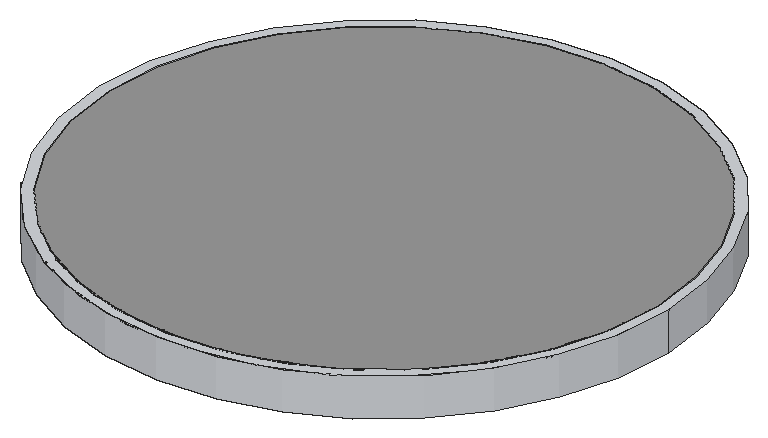
Revit family "2071276", category Lighting Fixtures, host Face, Revit 2018
Family settings
  Host = Face
  Round Connector Dimension = Use Diameter
  Part Type = Normal
  OmniClass Number = 23.80.70.00
  OmniClass Title = Lighting
  Cut with Voids When Loaded = No
  Light Source = Yes
  Shared = No
  Room Calculation Point = No
Parameters (values of type "2071276 COLOSSAL 900 940 OP DIR+H WHT SSC")
  iner diameter = 856 mm
  Weight = "n/a"
  Wattage Comments = ""
  Wattage = 30 W
  WarrantyStartDate [instance] = "n/a"
  WarrantyGuarantorParts = "n/a"
  WarrantyDurationUnit = "n/a"
  WarrantyDurationParts = ""
  WarrantyDescription = "http://www.sylvania-lighting.com"
  built-in parameter 1150110 = 1 (stored number, unit not read)
  Voltage = 230 V
  URL = "0.95"
  TypeName = "COLOSSAL 900mm 940 OPAL DIR+HAL WHITE SSC"
  Type Image = <None>
  Type Comments = "n/a"
  built-in parameter 1114217 = 1 (stored number, unit not read)
  Tilt Angle = -90.00°
  built-in parameter 1150109 = 1 (stored number, unit not read)
  built-in parameter 1150134 = (empty or 0)
  built-in parameter 1150113 = 1 (stored number, unit not read)
  SerialNumber [instance] = "n/a"
  Photometric Web File = "2071276.ies"
  Material_3_SYL = LED-Sylvania
  PowerFactor = 0
  PowerConsumption = "Lighting"
  NominalLength = 888 mm
  NominalHeight = 93 mm
  NominalDepth = 888 mm
  Name = "COLOSSAL 900mm 940 OPAL DIR+HAL WHITE SSC"
  ModelReference = Name  # "COLOSSAL 900mm 940 OPAL DIR+HAL WHITE SSC"
  ModelNumber = "2071276"
  Model = Name  # "COLOSSAL 900mm 940 OPAL DIR+HAL WHITE SSC"
  Material = "Feilo Sylvania"
  ManufacturerName = "122 lm/W"
  Manufacturer = ""
  LuminousEfficacy = ""
  built-in parameter 1150105 = 270.44 (stored number, unit not read)
  Lumens = 3398.4 lm
  LuminaireType = "0"
  built-in parameter 1150115 = 1 (stored number, unit not read)
  LightOutputRatio = "LED"
  built-in parameter 1150137 = (empty or 0)
  built-in parameter 1150139 = (empty or 0)
  LampsType = Lamp  # "n/a"
  LampNominalLuminous = "4000 K"
  LampMacAdamStep = "90"
  LampColourTemperature = "LED"
  LampColourRenderingIndex = "16500"
  built-in parameter 1150112 = 1 (stored number, unit not read)
  built-in parameter 1150114 = 1 (stored number, unit not read)
  Lamp = "n/a"
  Keynote = "n/a"
  InstallationDate [instance] = "n/a"
  InputVoltage = "0"
  InputNominalFrequency = "4000"
  built-in parameter 1150132 = (empty or 0)
  built-in parameter 1150102 = (empty or 0)
  built-in parameter 1150107 = 3000 (stored number, unit not read)
  built-in parameter 1150138 = (empty or 0)
  IngressProtection = "IfcLightFixtureType"
  ImpactProtectionIndex = "IfcLightFixtureType"
  built-in parameter 1150106 = 2.7044 (stored number, unit not read)
  IfcExportType = "IfcLightFixtureType"
  IfcExportAs = "Class I"
  Emit from Circle Diameter = 385 mm
  Emit Shape Visible in Rendering = no
  ElectricShockClassification = "122"
  built-in parameter 1150104 = 10.524 (stored number, unit not read)
  DocumentationLiterature = "http://www.sylvania-lighting.com/product/en-int/products/2071276"
  DimmingControlOptions = "n/a"
  Material_2_SYL = Polycarbonate_Sylvania_White
  Dimming Lamp Color Temperature Shift = <None>
  Description = "900mm diameter circular architectural luminaire, can be surface mounted or suspended. Powder coated aluminium housing (RAL9016) with polycarbonate opal diffuser. Direct/indirect (halo) light distribution, 9390lm luminuous flux, 76.8W system power, 122lm/W luminiaire efficacy. Sylsmart Standalone enabled. Colour rendering index Ra >90, 4000K Neutral White LED, chromaticity tolerance of 3-step MacAdam ellipse. IP40/IP20, IK03. 450mA drive current. Electrical protection Class1, 220-240V. Reported lifetime 66k hours L90B10."
  Default Elevation = 1219.2 mm
  CreatedOn = "23/03/2022"
  CreatedBy = "@sylvania-lighting.com"
  Cost = 0
  Color Filter = 16777215
  built-in parameter 1114216 [instance] = (empty or 0)
  ClassificationValue = "EF_70_80"
  ClassificationName = "Uniclass2015"
  Material_1_SYL = Polycarbonate_Sylvania_Opal
  BarCode [instance] = "n/a"
  built-in parameter 1114218 = 1 (stored number, unit not read)
  built-in parameter 1150133 = 10 (stored number, unit not read)
  AssetType = "Fixed"
  AssetIdentifier [instance] = "n/a"
  Assembly Code = "D5020200"
  Apparent Load = 76.8 VA
  Material_4_SYL = none
Reference planes
  plane 1 "Center (Front/Back)": y = 0
  plane 2: z = 0
  plane 3 "Center (Left/Right)": x = 0
  plane 4: z = 1.161
  plane 5: z = 16.161
  plane 6: x = -444
  plane 7: x = 444
  plane 8: y = 444
  plane 9: y = -444
  plane 10: y = 236
  plane 11: y = -236
  plane 12: x = 85
  plane 13: x = -85
  plane 14: through (0, 0, 1219.2) normal (0.5, 0.866, 0)
  plane 15: through (42.5, 73.612, 1219.2) normal (0.5, 0.866, 0)
  plane 16: through (-42.5, -73.612, 1219.2) normal (0.5, 0.866, 0)
  plane 17: through (0, 0, 1219.2) normal (0.5, -0.866, 0)
  plane 18: through (-42.5, 73.612, 1219.2) normal (0.5, -0.866, 0)
  plane 19: through (42.5, -73.612, 1219.2) normal (0.5, -0.866, 0)
  plane 20: z = 93
  plane 21: y = 428
  plane 22: y = -428
Forms (mm)
  Extrusion 1, solid, detail levels medium+fine
    sketch origin (0, 0, 0) x (0.866025, -0.5, 0) y (0.5, 0.866025, 0)
      loop
        circle (-50, 86.603) r 22
    from 0 to 2
  Extrusion 2, solid, detail levels medium+fine
    sketch origin (0, 0, 0) x (0.866025, -0.5, 0) y (0.5, 0.866025, 0)
      loop
        circle (100, 0) r 22
      loop
        circle (-50, -86.603) r 22
    from 0 to 2
  Blend 3, solid, detail levels medium+fine
    base sketch origin (0, 0, 0) x (1, 0, 0) y (0, 1, 0)
      loop
        line (-85, 236) -> (-246.882, -44.388) -> (-161.882, -191.612) -> (161.882, -191.612) -> (246.882, -44.388) -> (85, 236) -> (-85, 236)
    top sketch origin (0, 0, 0) x (1, 0, 0) y (0, 1, 0)
      loop
        line (-85, 283.076) -> (-287.651, -67.926) -> (-207.792, -218.119) -> (207.792, -218.119) -> (292.5, -71.401) -> (85, 283.076) -> (-85, 283.076)
    from 0 to 33.022
  Extrusion 4, solid, detail levels medium+fine
    sketch origin (0, 0, 0) x (1, 0, 0) y (0, 1, 0)
      loop
        circle (0, 0) r 444
    from 33.022 to 93
  Extrusion 5, void
    sketch origin (0, 0, 0) x (1, 0, 0) y (0, 1, 0)
      loop
        circle (0, 0) r 428
    from 96.588 to 37.292
  Extrusion 6, solid, material "Glass, White, High Luminance", detail levels fine
    sketch origin (0, 0, 0) x (1, 0, 0) y (0, 1, 0)
      loop
        circle (0, 0) r 428
    from 87.991 to 93
  Extrusion 7, solid, detail levels coarse
    sketch origin (0, 0, 0) x (1, 0, 0) y (0, 1, 0)
      loop
        line (-444, 444) -> (-444, -444) -> (444, -444) -> (444, 444) -> (-444, 444)
    from 0 to 93.648
Cuts and joins
  Extrusion 5 cuts Extrusion 1
  Extrusion 5 cuts Extrusion 2
  Extrusion 5 cuts Blend 3
  Extrusion 5 cuts Extrusion 4
Lines and regions (mm)
  model lines, detail levels medium+fine
    curve 1: circle (0, 0, 0) r 100 normal (0, 0, 1)
Dimensions and locks
  "NominalDepth": plane 8 to plane 9
  plane 8 to plane 1 "Center (Front/Back)" to plane 9 = 444 mm, 444 mm
  "NominalLength": plane 6 to plane 7
  equal spacing: plane 6, plane 3 "Center (Left/Right)", plane 7
  "NominalHeight": level to plane 20
  "iner diameter": plane 21 to plane 22
  equal spacing: plane 21, plane 1 "Center (Front/Back)", plane 22
  aligned and locked: plane 2 to host face
  aligned and locked: level to host face
Automatic sketch dimensions
  host sketch curve to host sketch curve = 2438.4 mm  (x2)
  Extrusion 1 sketch curve to plane 3 "Center (Left/Right)" = 0 mm
  Extrusion 1 sketch curve to plane 1 "Center (Front/Back)" = 100 mm
  plane 1 "Center (Front/Back)" to Extrusion 2 sketch curve = 50 mm
  Extrusion 2 sketch curve to plane 3 "Center (Left/Right)" = 86.603 mm
  Extrusion 2 sketch curve to Extrusion 2 sketch curve = 150 mm
  Extrusion 2 sketch curve to Extrusion 2 sketch curve = 86.603 mm
  plane 1 "Center (Front/Back)" to curve 1 = 0 mm
  curve 1 to plane 3 "Center (Left/Right)" = 0 mm
  plane 18 to Blend 3 sketch curve = 0 mm  (x2)
  plane 19 to Blend 3 sketch curve = 0 mm  (x2)
  Blend 3 sketch curve to plane 10 = 0 mm
  Blend 3 sketch curve to plane 13 = 0 mm  (x2)
  Blend 3 sketch curve to plane 12 = 0 mm  (x2)
  Blend 3 sketch curve to plane 16 = 0 mm  (x2)
  Blend 3 sketch curve to plane 15 = 0 mm
  plane 11 to Blend 3 sketch curve = 44.388 mm
  plane 1 "Center (Front/Back)" to Blend 3 sketch curve = 44.388 mm  (x2)
  plane 11 to Blend 3 sketch curve = 17.881 mm
  plane 1 "Center (Front/Back)" to Blend 3 sketch curve = 67.926 mm
  plane 1 "Center (Front/Back)" to Blend 3 sketch curve = 71.401 mm
  Blend 3 sketch curve to plane 7 = 151.5 mm
  plane 10 to Blend 3 sketch curve = 47.076 mm
  plane 1 "Center (Front/Back)" to Extrusion 4 sketch curve = 0 mm
  Extrusion 4 sketch curve to plane 3 "Center (Left/Right)" = 0 mm
  plane 1 "Center (Front/Back)" to Extrusion 5 sketch curve = 0 mm
  Extrusion 5 sketch curve to plane 3 "Center (Left/Right)" = 0 mm
  plane 1 "Center (Front/Back)" to Extrusion 6 sketch curve = 0 mm
  Extrusion 6 sketch curve to plane 3 "Center (Left/Right)" = 0 mm
  Extrusion 7 sketch curve to plane 6 = 0 mm
  Extrusion 7 sketch curve to plane 7 = 0 mm
  Extrusion 7 sketch curve to plane 9 = 0 mm
  Extrusion 7 sketch curve to plane 8 = 0 mm
  radius of Extrusion 1 sketch curve = 22 mm
  radius of Extrusion 2 sketch curve = 22 mm  (x2)
  radius of curve 1 = 100 mm
  radius of Extrusion 4 sketch curve = 444 mm
  radius of Extrusion 5 sketch curve = 428 mm
  radius of Extrusion 6 sketch curve = 428 mm
Connectors
  electrical at (0, 0, 0), driven by "Apparent Load", driven by "PowerFactor", driven by "Voltage"
    settings: index 1, voltage 230 V, apparent load 76.8 VA, apparent load phase1 0 VA, apparent load phase2 0 VA, apparent load phase3 0 VA, power factor 0, load classification "Lighting", number of poles 1, system type 30, power factor state 1, is connector primary yes, connector utility no, sub classification motor no, connector description ""
